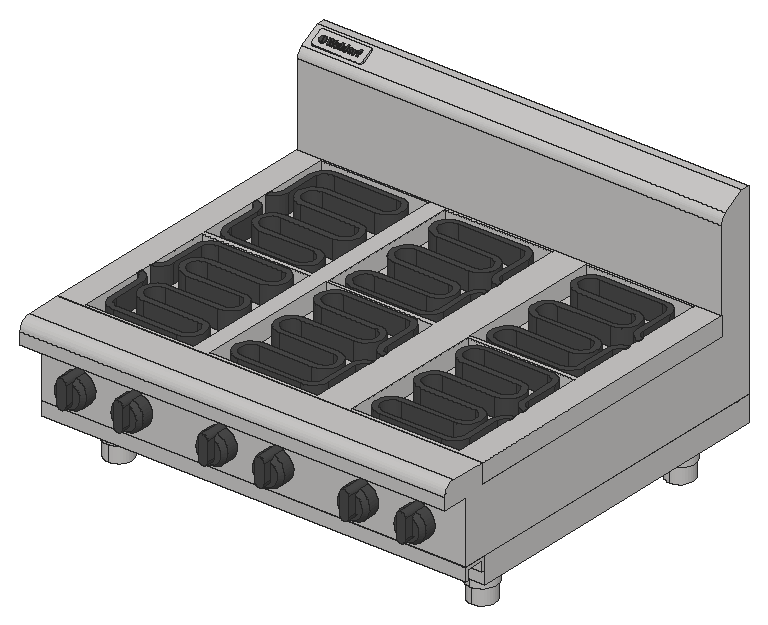
Revit family "QF_MOFFAT WALDORF_RN8600E-B", category Specialty Equipment, Revit 2012
Parameters
  Weight in Pounds = 297.6237
  Watts = 14400 W
  Volts = 415 V
  URL Cutsheet = "www.moffat.com"
  URL = "www.moffat.com"
  Type Mark [instance] = ""
  Status [instance] = ""
  Specification by User [instance] = ""
  Specification by Manufacturer = ""
  Show Logo [instance] = yes
  Serial Number = ""
  Seismic Rating = ""
  SMACNA No = ""
  Revision Code [instance] = ""
  Phase = 3
  Omniclass Number and Title = ""
  Number of Poles = 1
  NAFEM Spec ID Number = ""
  Model = "RN8600E-B"
  Min Ckt Ampacity = 0 A
  Max Overcurrent Protection = 0 A
  Masterspec = ""
  Manufacturer = "MOFFAT WALDORF"
  Item Number [instance] = ""
  Installed By [instance] = ""
  Identify Quantity as Lot [instance] = yes
  HP = ""
  Furnished By [instance] = ""
  Foodservice Equipment Identifier [instance] = yes
  FL Amps = 20 A
  Elec Conn RI Height = 0.0 mm
  Elec Conn Connection Height = 0.0 mm
  Description = "COOK TOP ELECTRIC BENCH MOUNT"
  Cycle = 50 Hz
  Conn Plug = ""
  Conn Conduit = yes
  CSI MasterFormat = ""
  CSI Master Format = ""
  Base Height [instance] = 80.0 mm
  Apparent Power = if(Phase = 3, Volts * FL Amps * 1.73, Volts * FL Amps)  # 14359 VA
Reference planes
  plane 1 "BACK": y = 0
  plane 2: z = 0
  plane 3 "LEFT": x = 0
  plane 4 "RIGHT": x = 900
  plane 5 "FRONT": y = -805
  plane 6 "TOP": z = 530
  plane 7 "Center Y": x = 450
  plane 8 "Center X": y = -402.5
  plane 9 "Base Height": z = 80
  plane 10: x = 65.8
Forms (mm)
  Extrusion 1, solid, material "QF_Finishes_Stainless Steel"
    sketch origin (0, 0, 0) x (0, 1, 0) y (0, 0, 1)
      loop
        line (-805, 291) -> (-805, 266) -> (-749, 266) -> (-749, 135) -> (0, 135) -> (0, 530) -> (-16.5, 530) -> (-58.709, 505.631)
        arc (-58.709, 505.631) -> (-66.975, 497.365) -> (-70, 486.074) r 22.582
        line (-70, 486.074) -> (-70, 275) -> (-705, 275) -> (-705, 315) -> (-781, 315)
        arc (-781, 315) -> (-797.971, 307.971) -> (-805, 291) r 24
      loop
        line (0, 80) -> (0, 134.206) -> (-699, 134.206) -> (-699, 80) -> (0, 80)
      loop
        line (-749, 134.206) -> (-749, 107.019) -> (-742.6, 107.019) -> (-742.6, 127.806) -> (-706.4, 127.806) -> (-706.4, 107.019) -> (-700, 107.019) -> (-700, 134.206) -> (-749, 134.206)
    from 0 to 900
  Revolve 2, solid, material "QF_Finishes_Stainless Steel"
    sketch origin (835, -210, 0) x (0, 1, 0) y (0, 0, -1)
      loop
        line (78.25, -80) -> (110, -80) -> (110, 0) -> (82.5, 0) -> (82.5, -35) -> (78.25, -35) -> (78.25, -80)
      axis (110, -80) -> (110, 0)
    angle from 0 to 360
  Revolve 3, solid, material "QF_Finishes_Stainless Steel"
    sketch origin (65, -210, 0) x (0, 1, 0) y (0, 0, 1)
      loop
        line (78.25, 80) -> (78.25, 35) -> (82.5, 35) -> (82.5, 0) -> (110, 0) -> (110, 80) -> (78.25, 80)
      axis (110, 80) -> (110, 0)
    angle from 0 to 360
  Revolve 4, solid, material "QF_Finishes_Black"
    sketch origin (210, 0, 0) x (0, -1, 0) y (0, 0, 1)
      loop
        line (782, 229.605) -> (759, 229.605) -> (759, 202.105) -> (749, 202.105) -> (749, 197.105) -> (793, 197.105) -> (793, 223.757) -> (782, 229.605)
      axis (793, 197.105) -> (749, 197.105)
    angle from 0 to 360
  Extrusion 5, solid, material "QF_Finishes_Black"
    sketch origin (-78.431, 0, -103.997) x (1, 0, 0) y (0, 0, 1)
      loop
        line (298.431, 289) -> (298.431, 327.997)
        arc (298.431, 327.997) -> (288.431, 337.997) -> (278.431, 327.997) r 10
        line (278.431, 327.997) -> (278.431, 289)
        arc (278.431, 289) -> (288.431, 279) -> (298.431, 289) r 10
    from 759 to 808
  Extrusion 6, void
    sketch origin (705, 3, -500) x (1, 0, 0) y (0, 1, 0)
      loop
        circle (65, -35) r 13.5
    from 610 to 570
  Revolve 7, solid, material "QF_Finishes_Black"
    sketch origin (89.999, 0, -0.127) x (0, 1, 0) y (0, 0, -1)
      loop
        line (-782, -229.5) -> (-759, -229.5) -> (-759, -202) -> (-749, -202) -> (-749, -197) -> (-793, -197) -> (-793, -223.651) -> (-782, -229.5)
      axis (-793, -197) -> (-749, -197)
    angle from 0 to 360
  Extrusion 8, solid, material "QF_Finishes_Black"
    sketch origin (228.269, 0, 0.031) x (-1, 0, 0) y (0, 0, -1)
      loop
        arc (148.269, -184.969) -> (138.269, -174.969) -> (128.269, -184.969) r 10
        line (128.269, -184.969) -> (128.269, -223.969)
        arc (128.269, -223.969) -> (138.269, -233.969) -> (148.269, -223.969) r 10
        line (148.269, -223.969) -> (148.269, -184.969)
    from 759 to 808
  Revolve 9, solid, material "QF_Finishes_Black"
    sketch origin (510, 0, 0) x (0, -1, 0) y (0, 0, 1)
      loop
        line (782, 229.605) -> (759, 229.605) -> (759, 202.105) -> (749, 202.105) -> (749, 197.105) -> (793, 197.105) -> (793, 223.757) -> (782, 229.605)
      axis (793, 197.105) -> (749, 197.105)
    angle from 0 to 360
  Extrusion 10, solid, material "QF_Finishes_Black"
    sketch origin (371.569, 0, -103.997) x (1, 0, 0) y (0, 0, 1)
      loop
        line (148.431, 289) -> (148.431, 327.997)
        arc (148.431, 327.997) -> (138.431, 337.997) -> (128.431, 327.997) r 10
        line (128.431, 327.997) -> (128.431, 289)
        arc (128.431, 289) -> (138.431, 279) -> (148.431, 289) r 10
    from 759 to 808
  Revolve 11, solid, material "QF_Finishes_Black"
    sketch origin (389.999, 0, -0.127) x (0, 1, 0) y (0, 0, -1)
      loop
        line (-782, -229.5) -> (-759, -229.5) -> (-759, -202) -> (-749, -202) -> (-749, -197) -> (-793, -197) -> (-793, -223.651) -> (-782, -229.5)
      axis (-793, -197) -> (-749, -197)
    angle from 0 to 360
  Extrusion 12, solid, material "QF_Finishes_Black"
    sketch origin (378.269, 0, 0.031) x (-1, 0, 0) y (0, 0, -1)
      loop
        arc (-1.731, -184.969) -> (-11.731, -174.969) -> (-21.731, -184.969) r 10
        line (-21.731, -184.969) -> (-21.731, -223.969)
        arc (-21.731, -223.969) -> (-11.731, -233.969) -> (-1.731, -223.969) r 10
        line (-1.731, -223.969) -> (-1.731, -184.969)
    from 759 to 808
  Revolve 13, solid, material "QF_Finishes_Black"
    sketch origin (810, 0, 0) x (0, -1, 0) y (0, 0, 1)
      loop
        line (782, 229.605) -> (759, 229.605) -> (759, 202.105) -> (749, 202.105) -> (749, 197.105) -> (793, 197.105) -> (793, 223.757) -> (782, 229.605)
      axis (793, 197.105) -> (749, 197.105)
    angle from 0 to 360
  Extrusion 14, solid, material "QF_Finishes_Black"
    sketch origin (671.569, 0, -103.997) x (1, 0, 0) y (0, 0, 1)
      loop
        line (148.431, 289) -> (148.431, 327.997)
        arc (148.431, 327.997) -> (138.431, 337.997) -> (128.431, 327.997) r 10
        line (128.431, 327.997) -> (128.431, 289)
        arc (128.431, 289) -> (138.431, 279) -> (148.431, 289) r 10
    from 759 to 808
  Revolve 15, solid, material "QF_Finishes_Black"
    sketch origin (689.999, 0, -0.127) x (0, 1, 0) y (0, 0, -1)
      loop
        line (-782, -229.5) -> (-759, -229.5) -> (-759, -202) -> (-749, -202) -> (-749, -197) -> (-793, -197) -> (-793, -223.651) -> (-782, -229.5)
      axis (-793, -197) -> (-749, -197)
    angle from 0 to 360
  Extrusion 16, solid, material "QF_Finishes_Black"
    sketch origin (678.269, 0, 0.031) x (-1, 0, 0) y (0, 0, -1)
      loop
        arc (-1.731, -184.969) -> (-11.731, -174.969) -> (-21.731, -184.969) r 10
        line (-21.731, -184.969) -> (-21.731, -223.969)
        arc (-21.731, -223.969) -> (-11.731, -233.969) -> (-1.731, -223.969) r 10
        line (-1.731, -223.969) -> (-1.731, -184.969)
    from 759 to 808
  Revolve 17, solid, material "QF_Finishes_Stainless Steel"
    sketch origin (835, -735, 0) x (0, 1, 0) y (0, 0, -1)
      loop
        line (78.25, -80) -> (110, -80) -> (110, 0) -> (82.5, 0) -> (82.5, -35) -> (78.25, -35) -> (78.25, -80)
      axis (110, -80) -> (110, 0)
    angle from 0 to 360
  Revolve 18, solid, material "QF_Finishes_Stainless Steel"
    sketch origin (65, -735, 0) x (0, 1, 0) y (0, 0, 1)
      loop
        line (78.25, 80) -> (78.25, 35) -> (82.5, 35) -> (82.5, 0) -> (110, 0) -> (110, 80) -> (78.25, 80)
      axis (110, 80) -> (110, 0)
    angle from 0 to 360
  Extrusion 19, solid, material "QF_Finishes_Stainless Steel"
    sketch origin (0, -70, 275) x (0, -1, 0) y (1, 0, 0)
      loop
        line (1, 0) -> (635, 0) -> (635, 900) -> (1, 900) -> (1, 0)
      loop
        line (628.25, 54) -> (628.25, 282.75) -> (321.3, 282.75) -> (321.3, 54) -> (628.25, 54)
      loop
        line (6.75, 54) -> (313.7, 54) -> (313.7, 282.75) -> (6.75, 282.75) -> (6.75, 54)
      loop
        line (6.75, 317.25) -> (313.7, 317.25) -> (313.7, 546) -> (6.75, 546) -> (6.75, 317.25)
      loop
        line (628.25, 317.25) -> (628.25, 546) -> (321.3, 546) -> (321.3, 317.25) -> (628.25, 317.25)
      loop
        line (628.25, 846) -> (321.3, 846) -> (321.3, 617.25) -> (628.25, 617.25) -> (628.25, 846)
      loop
        line (6.75, 846) -> (6.75, 617.25) -> (313.7, 617.25) -> (313.7, 846) -> (6.75, 846)
    from 0 to 40
  Extrusion 20, solid, material "QF_Finishes_Black"
    sketch origin (0, -70, 275) x (0, -1, 0) y (1, 0, 0)
      loop
        arc (20.503, 102.138) -> (29.265, 78.692) -> (52.032, 68.293) r 32.731
        line (52.032, 68.293) -> (123.291, 68.293)
        arc (123.291, 68.293) -> (134.915, 64.189) -> (141.853, 54) r 19.786
        line (141.853, 54) -> (154.156, 54)
        arc (154.156, 54) -> (143.507, 72.673) -> (123.41, 80.3) r 31.79
        line (123.41, 80.3) -> (52.272, 80.3)
        arc (52.272, 80.3) -> (37.925, 87.003) -> (32.5, 101.881) r 20.722
        line (32.5, 101.881) -> (32.5, 234.6)
        arc (32.5, 234.6) -> (54.2, 256.3) -> (75.9, 234.6) r 21.7
        line (75.9, 234.6) -> (75.9, 122)
        arc (75.9, 122) -> (109.6, 88.3) -> (143.3, 122) r 33.7
        line (143.3, 122) -> (143.3, 234.6)
        arc (143.3, 234.6) -> (165, 256.3) -> (186.7, 234.6) r 21.7
        line (186.7, 234.6) -> (186.7, 122)
        arc (186.7, 122) -> (220.4, 88.3) -> (254.1, 122) r 33.7
        line (254.1, 122) -> (254.1, 234.6)
        arc (254.1, 234.6) -> (275.8, 256.3) -> (297.5, 234.6) r 21.7
        line (297.5, 234.6) -> (297.5, 101.881)
        arc (297.5, 101.881) -> (292.075, 87.003) -> (277.728, 80.3) r 20.722
        line (277.728, 80.3) -> (206.584, 80.3)
        arc (206.584, 80.3) -> (186.467, 72.659) -> (175.749, 54) r 31.973
        line (175.749, 54) -> (188.064, 54)
        arc (188.064, 54) -> (195.064, 64.184) -> (206.716, 68.3) r 19.973
        line (206.716, 68.3) -> (277.967, 68.3)
        arc (277.967, 68.3) -> (300.725, 78.682) -> (309.5, 102.106) r 32.722
        line (309.5, 102.106) -> (309.5, 234.6)
        arc (309.5, 234.6) -> (275.8, 268.3) -> (242.1, 234.6) r 33.7
        line (242.1, 234.6) -> (242.1, 122)
        arc (242.1, 122) -> (220.4, 100.3) -> (198.7, 122) r 21.7
        line (198.7, 122) -> (198.7, 234.6)
        arc (198.7, 234.6) -> (165, 268.3) -> (131.3, 234.6) r 33.7
        line (131.3, 234.6) -> (131.3, 122)
        arc (131.3, 122) -> (109.6, 100.3) -> (87.9, 122) r 21.7
        line (87.9, 122) -> (87.9, 234.6)
        arc (87.9, 234.6) -> (54.202, 268.298) -> (20.503, 234.6) r 33.698
        line (20.503, 234.6) -> (20.503, 102.138)
      loop
        arc (325.503, 102.138) -> (334.265, 78.692) -> (357.032, 68.293) r 32.731
        line (357.032, 68.293) -> (428.291, 68.293)
        arc (428.291, 68.293) -> (439.915, 64.189) -> (446.853, 54) r 19.786
        line (446.853, 54) -> (459.156, 54)
        arc (459.156, 54) -> (448.507, 72.673) -> (428.41, 80.3) r 31.79
        line (428.41, 80.3) -> (357.272, 80.3)
        arc (357.272, 80.3) -> (342.925, 87.003) -> (337.5, 101.881) r 20.722
        line (337.5, 101.881) -> (337.5, 234.6)
        arc (337.5, 234.6) -> (359.2, 256.3) -> (380.9, 234.6) r 21.7
        line (380.9, 234.6) -> (380.9, 122)
        arc (380.9, 122) -> (414.6, 88.3) -> (448.3, 122) r 33.7
        line (448.3, 122) -> (448.3, 234.6)
        arc (448.3, 234.6) -> (470, 256.3) -> (491.7, 234.6) r 21.7
        line (491.7, 234.6) -> (491.7, 122)
        arc (491.7, 122) -> (525.4, 88.3) -> (559.1, 122) r 33.7
        line (559.1, 122) -> (559.1, 234.6)
        arc (559.1, 234.6) -> (580.8, 256.3) -> (602.5, 234.6) r 21.7
        line (602.5, 234.6) -> (602.5, 101.881)
        arc (602.5, 101.881) -> (597.075, 87.003) -> (582.728, 80.3) r 20.722
        line (582.728, 80.3) -> (511.584, 80.3)
        arc (511.584, 80.3) -> (491.467, 72.659) -> (480.749, 54) r 31.973
        line (480.749, 54) -> (493.064, 54)
        arc (493.064, 54) -> (500.064, 64.184) -> (511.716, 68.3) r 19.973
        line (511.716, 68.3) -> (582.967, 68.3)
        arc (582.967, 68.3) -> (605.725, 78.682) -> (614.5, 102.106) r 32.722
        line (614.5, 102.106) -> (614.5, 234.6)
        arc (614.5, 234.6) -> (580.8, 268.3) -> (547.1, 234.6) r 33.7
        line (547.1, 234.6) -> (547.1, 122)
        arc (547.1, 122) -> (525.4, 100.3) -> (503.7, 122) r 21.7
        line (503.7, 122) -> (503.7, 234.6)
        arc (503.7, 234.6) -> (470, 268.3) -> (436.3, 234.6) r 33.7
        line (436.3, 234.6) -> (436.3, 122)
        arc (436.3, 122) -> (414.6, 100.3) -> (392.9, 122) r 21.7
        line (392.9, 122) -> (392.9, 234.6)
        arc (392.9, 234.6) -> (359.202, 268.298) -> (325.503, 234.6) r 33.698
        line (325.503, 234.6) -> (325.503, 102.138)
      loop
        line (20.503, 497.862) -> (20.503, 365.4)
        arc (20.503, 365.4) -> (54.202, 331.702) -> (87.9, 365.4) r 33.698
        line (87.9, 365.4) -> (87.9, 478)
        arc (87.9, 478) -> (109.6, 499.7) -> (131.3, 478) r 21.7
        line (131.3, 478) -> (131.3, 365.4)
        arc (131.3, 365.4) -> (165, 331.7) -> (198.7, 365.4) r 33.7
        line (198.7, 365.4) -> (198.7, 478)
        arc (198.7, 478) -> (220.4, 499.7) -> (242.1, 478) r 21.7
        line (242.1, 478) -> (242.1, 365.4)
        arc (242.1, 365.4) -> (275.8, 331.7) -> (309.5, 365.4) r 33.7
        line (309.5, 365.4) -> (309.5, 497.894)
        arc (309.5, 497.894) -> (300.725, 521.318) -> (277.967, 531.7) r 32.722
        line (277.967, 531.7) -> (206.716, 531.7)
        arc (206.716, 531.7) -> (195.064, 535.816) -> (188.064, 546) r 19.973
        line (188.064, 546) -> (175.749, 546)
        arc (175.749, 546) -> (186.467, 527.341) -> (206.584, 519.7) r 31.973
        line (206.584, 519.7) -> (277.728, 519.7)
        arc (277.728, 519.7) -> (292.075, 512.997) -> (297.5, 498.119) r 20.722
        line (297.5, 498.119) -> (297.5, 365.4)
        arc (297.5, 365.4) -> (275.8, 343.7) -> (254.1, 365.4) r 21.7
        line (254.1, 365.4) -> (254.1, 478)
        arc (254.1, 478) -> (220.4, 511.7) -> (186.7, 478) r 33.7
        line (186.7, 478) -> (186.7, 365.4)
        arc (186.7, 365.4) -> (165, 343.7) -> (143.3, 365.4) r 21.7
        line (143.3, 365.4) -> (143.3, 478)
        arc (143.3, 478) -> (109.6, 511.7) -> (75.9, 478) r 33.7
        line (75.9, 478) -> (75.9, 365.4)
        arc (75.9, 365.4) -> (54.2, 343.7) -> (32.5, 365.4) r 21.7
        line (32.5, 365.4) -> (32.5, 498.119)
        arc (32.5, 498.119) -> (37.925, 512.997) -> (52.272, 519.7) r 20.722
        line (52.272, 519.7) -> (123.41, 519.7)
        arc (123.41, 519.7) -> (143.507, 527.327) -> (154.156, 546) r 31.79
        line (154.156, 546) -> (141.853, 546)
        arc (141.853, 546) -> (134.915, 535.811) -> (123.291, 531.707) r 19.786
        line (123.291, 531.707) -> (52.032, 531.707)
        arc (52.032, 531.707) -> (29.265, 521.308) -> (20.503, 497.862) r 32.731
      loop
        line (325.503, 497.862) -> (325.503, 365.4)
        arc (325.503, 365.4) -> (359.202, 331.702) -> (392.9, 365.4) r 33.698
        line (392.9, 365.4) -> (392.9, 478)
        arc (392.9, 478) -> (414.6, 499.7) -> (436.3, 478) r 21.7
        line (436.3, 478) -> (436.3, 365.4)
        arc (436.3, 365.4) -> (470, 331.7) -> (503.7, 365.4) r 33.7
        line (503.7, 365.4) -> (503.7, 478)
        arc (503.7, 478) -> (525.4, 499.7) -> (547.1, 478) r 21.7
        line (547.1, 478) -> (547.1, 365.4)
        arc (547.1, 365.4) -> (580.8, 331.7) -> (614.5, 365.4) r 33.7
        line (614.5, 365.4) -> (614.5, 497.894)
        arc (614.5, 497.894) -> (605.725, 521.318) -> (582.967, 531.7) r 32.722
        line (582.967, 531.7) -> (511.716, 531.7)
        arc (511.716, 531.7) -> (500.064, 535.816) -> (493.064, 546) r 19.973
        line (493.064, 546) -> (480.749, 546)
        arc (480.749, 546) -> (491.467, 527.341) -> (511.584, 519.7) r 31.973
        line (511.584, 519.7) -> (582.728, 519.7)
        arc (582.728, 519.7) -> (597.075, 512.997) -> (602.5, 498.119) r 20.722
        line (602.5, 498.119) -> (602.5, 365.4)
        arc (602.5, 365.4) -> (580.8, 343.7) -> (559.1, 365.4) r 21.7
        line (559.1, 365.4) -> (559.1, 478)
        arc (559.1, 478) -> (525.4, 511.7) -> (491.7, 478) r 33.7
        line (491.7, 478) -> (491.7, 365.4)
        arc (491.7, 365.4) -> (470, 343.7) -> (448.3, 365.4) r 21.7
        line (448.3, 365.4) -> (448.3, 478)
        arc (448.3, 478) -> (414.6, 511.7) -> (380.9, 478) r 33.7
        line (380.9, 478) -> (380.9, 365.4)
        arc (380.9, 365.4) -> (359.2, 343.7) -> (337.5, 365.4) r 21.7
        line (337.5, 365.4) -> (337.5, 498.119)
        arc (337.5, 498.119) -> (342.925, 512.997) -> (357.272, 519.7) r 20.722
        line (357.272, 519.7) -> (428.41, 519.7)
        arc (428.41, 519.7) -> (448.507, 527.327) -> (459.156, 546) r 31.79
        line (459.156, 546) -> (446.853, 546)
        arc (446.853, 546) -> (439.915, 535.811) -> (428.291, 531.707) r 19.786
        line (428.291, 531.707) -> (357.032, 531.707)
        arc (357.032, 531.707) -> (334.265, 521.308) -> (325.503, 497.862) r 32.731
      loop
        line (20.503, 797.862) -> (20.503, 665.4)
        arc (20.503, 665.4) -> (54.202, 631.702) -> (87.9, 665.4) r 33.698
        line (87.9, 665.4) -> (87.9, 778)
        arc (87.9, 778) -> (109.6, 799.7) -> (131.3, 778) r 21.7
        line (131.3, 778) -> (131.3, 665.4)
        arc (131.3, 665.4) -> (165, 631.7) -> (198.7, 665.4) r 33.7
        line (198.7, 665.4) -> (198.7, 778)
        arc (198.7, 778) -> (220.4, 799.7) -> (242.1, 778) r 21.7
        line (242.1, 778) -> (242.1, 665.4)
        arc (242.1, 665.4) -> (275.8, 631.7) -> (309.5, 665.4) r 33.7
        line (309.5, 665.4) -> (309.5, 797.894)
        arc (309.5, 797.894) -> (300.725, 821.318) -> (277.967, 831.7) r 32.722
        line (277.967, 831.7) -> (206.716, 831.7)
        arc (206.716, 831.7) -> (195.064, 835.816) -> (188.064, 846) r 19.973
        line (188.064, 846) -> (175.749, 846)
        arc (175.749, 846) -> (186.467, 827.341) -> (206.584, 819.7) r 31.973
        line (206.584, 819.7) -> (277.728, 819.7)
        arc (277.728, 819.7) -> (292.075, 812.997) -> (297.5, 798.119) r 20.722
        line (297.5, 798.119) -> (297.5, 665.4)
        arc (297.5, 665.4) -> (275.8, 643.7) -> (254.1, 665.4) r 21.7
        line (254.1, 665.4) -> (254.1, 778)
        arc (254.1, 778) -> (220.4, 811.7) -> (186.7, 778) r 33.7
        line (186.7, 778) -> (186.7, 665.4)
        arc (186.7, 665.4) -> (165, 643.7) -> (143.3, 665.4) r 21.7
        line (143.3, 665.4) -> (143.3, 778)
        arc (143.3, 778) -> (109.6, 811.7) -> (75.9, 778) r 33.7
        line (75.9, 778) -> (75.9, 665.4)
        arc (75.9, 665.4) -> (54.2, 643.7) -> (32.5, 665.4) r 21.7
        line (32.5, 665.4) -> (32.5, 798.119)
        arc (32.5, 798.119) -> (37.925, 812.997) -> (52.272, 819.7) r 20.722
        line (52.272, 819.7) -> (123.41, 819.7)
        arc (123.41, 819.7) -> (143.507, 827.327) -> (154.156, 846) r 31.79
        line (154.156, 846) -> (141.853, 846)
        arc (141.853, 846) -> (134.915, 835.811) -> (123.291, 831.707) r 19.786
        line (123.291, 831.707) -> (52.032, 831.707)
        arc (52.032, 831.707) -> (29.265, 821.308) -> (20.503, 797.862) r 32.731
      loop
        line (325.503, 797.862) -> (325.503, 665.4)
        arc (325.503, 665.4) -> (359.202, 631.702) -> (392.9, 665.4) r 33.698
        line (392.9, 665.4) -> (392.9, 778)
        arc (392.9, 778) -> (414.6, 799.7) -> (436.3, 778) r 21.7
        line (436.3, 778) -> (436.3, 665.4)
        arc (436.3, 665.4) -> (470, 631.7) -> (503.7, 665.4) r 33.7
        line (503.7, 665.4) -> (503.7, 778)
        arc (503.7, 778) -> (525.4, 799.7) -> (547.1, 778) r 21.7
        line (547.1, 778) -> (547.1, 665.4)
        arc (547.1, 665.4) -> (580.8, 631.7) -> (614.5, 665.4) r 33.7
        line (614.5, 665.4) -> (614.5, 797.894)
        arc (614.5, 797.894) -> (605.725, 821.318) -> (582.967, 831.7) r 32.722
        line (582.967, 831.7) -> (511.716, 831.7)
        arc (511.716, 831.7) -> (500.064, 835.816) -> (493.064, 846) r 19.973
        line (493.064, 846) -> (480.749, 846)
        arc (480.749, 846) -> (491.467, 827.341) -> (511.584, 819.7) r 31.973
        line (511.584, 819.7) -> (582.728, 819.7)
        arc (582.728, 819.7) -> (597.075, 812.997) -> (602.5, 798.119) r 20.722
        line (602.5, 798.119) -> (602.5, 665.4)
        arc (602.5, 665.4) -> (580.8, 643.7) -> (559.1, 665.4) r 21.7
        line (559.1, 665.4) -> (559.1, 778)
        arc (559.1, 778) -> (525.4, 811.7) -> (491.7, 778) r 33.7
        line (491.7, 778) -> (491.7, 665.4)
        arc (491.7, 665.4) -> (470, 643.7) -> (448.3, 665.4) r 21.7
        line (448.3, 665.4) -> (448.3, 778)
        arc (448.3, 778) -> (414.6, 811.7) -> (380.9, 778) r 33.7
        line (380.9, 778) -> (380.9, 665.4)
        arc (380.9, 665.4) -> (359.2, 643.7) -> (337.5, 665.4) r 21.7
        line (337.5, 665.4) -> (337.5, 798.119)
        arc (337.5, 798.119) -> (342.925, 812.997) -> (357.272, 819.7) r 20.722
        line (357.272, 819.7) -> (428.41, 819.7)
        arc (428.41, 819.7) -> (448.507, 827.327) -> (459.156, 846) r 31.79
        line (459.156, 846) -> (446.853, 846)
        arc (446.853, 846) -> (439.915, 835.811) -> (428.291, 831.707) r 19.786
        line (428.291, 831.707) -> (357.032, 831.707)
        arc (357.032, 831.707) -> (334.265, 821.308) -> (325.503, 797.862) r 32.731
    from 0 to 40
Cuts and joins
  joined: Revolve 7, Extrusion 8
  joined: Revolve 4, Extrusion 5
  joined: Revolve 11, Extrusion 12
  joined: Revolve 9, Extrusion 10
  Extrusion 6 cuts Extrusion 1
Lines and regions (mm)
  Split face 1
    outline origin (49.063, -19.748, 528.125) x (0, -0.866025, -0.5) y (1, 0, 0)
      loop
        line (1.427, 105.5) -> (35.836, 105.5) -> (35.836, 125.5) -> (1.427, 125.5) -> (1.427, 105.5)
  Split face 2
    outline origin (99.063, -19.748, 528.125) x (0, -0.866025, -0.5) y (1, 0, 0)
      loop
        line (1.427, 105.5) -> (35.836, 105.5) -> (35.836, 125.5) -> (1.427, 125.5) -> (1.427, 105.5)
  Split face 3
    outline origin (149.062, -19.748, 528.125) x (0, -0.866025, -0.5) y (1, 0, 0)
      loop
        line (1.427, 105.5) -> (35.836, 105.5) -> (35.836, 125.5) -> (1.427, 125.5) -> (1.427, 105.5)
  Split face 4
    outline origin (199.063, -19.748, 528.125) x (0, -0.866025, -0.5) y (1, 0, 0)
      loop
        line (1.427, 105.5) -> (35.836, 105.5) -> (35.836, 125.5) -> (1.427, 125.5) -> (1.427, 105.5)
  Split face 5
    outline origin (249.062, -19.748, 528.125) x (0, -0.866025, -0.5) y (1, 0, 0)
      loop
        line (1.427, 105.5) -> (35.836, 105.5) -> (35.836, 125.5) -> (1.427, 125.5) -> (1.427, 105.5)
  Split face 6
    outline origin (299.062, -19.748, 528.125) x (0, -0.866025, -0.5) y (1, 0, 0)
      loop
        line (1.427, 105.5) -> (35.836, 105.5) -> (35.836, 125.5) -> (1.427, 125.5) -> (1.427, 105.5)
  Split face 7
    outline origin (349.062, -19.748, 528.125) x (0, -0.866025, -0.5) y (1, 0, 0)
      loop
        line (1.427, 105.5) -> (35.836, 105.5) -> (35.836, 125.5) -> (1.427, 125.5) -> (1.427, 105.5)
  Split face 8
    outline origin (399.062, -19.748, 528.125) x (0, -0.866025, -0.5) y (1, 0, 0)
      loop
        line (1.427, 105.5) -> (35.836, 105.5) -> (35.836, 125.5) -> (1.427, 125.5) -> (1.427, 105.5)
  Split face 9
    outline origin (449.062, -19.748, 528.125) x (0, -0.866025, -0.5) y (1, 0, 0)
      loop
        line (1.427, 105.5) -> (35.836, 105.5) -> (35.836, 125.5) -> (1.427, 125.5) -> (1.427, 105.5)
  Split face 10
    outline origin (499.062, -19.748, 528.125) x (0, -0.866025, -0.5) y (1, 0, 0)
      loop
        line (1.427, 105.5) -> (35.836, 105.5) -> (35.836, 125.5) -> (1.427, 125.5) -> (1.427, 105.5)
  Split face 11
    outline origin (549.062, -19.748, 528.125) x (0, -0.866025, -0.5) y (1, 0, 0)
      loop
        line (1.427, 105.5) -> (35.836, 105.5) -> (35.836, 125.5) -> (1.427, 125.5) -> (1.427, 105.5)
  Split face 12
    outline origin (599.062, -19.748, 528.125) x (0, -0.866025, -0.5) y (1, 0, 0)
      loop
        line (1.427, 105.5) -> (35.836, 105.5) -> (35.836, 125.5) -> (1.427, 125.5) -> (1.427, 105.5)
  symbolic lines, visible <- "Show Logo"
    curve 1: line (12.5, -52.06, 0) -> (12.5, -21.099, 0)
    curve 2: line (121.5, -21.099, 0) -> (121.5, -52.06, 0)
    curve 3: line (12.5, -21.099, 0) -> (121.5, -21.099, 0)
    curve 4: line (12.5, -52.06, 0) -> (121.5, -52.06, 0)
  symbolic lines
    curve 5: line (154.563, -50.782, 0) -> (154.563, -20.984, 0)
    curve 6: line (154.563, -20.984, 0) -> (174.562, -20.984, 0)
    curve 7: line (174.562, -20.984, 0) -> (174.562, -50.782, 0)
    curve 8: line (174.562, -50.782, 0) -> (154.563, -50.782, 0)
    curve 9: line (204.563, -20.984, 0) -> (204.563, -50.782, 0)
    curve 10: line (204.563, -50.782, 0) -> (224.562, -50.782, 0)
    curve 11: line (224.562, -50.782, 0) -> (224.562, -20.984, 0)
    curve 12: line (224.562, -20.984, 0) -> (204.563, -20.984, 0)
    curve 13: line (254.563, -20.984, 0) -> (254.563, -50.782, 0)
    curve 14: line (254.563, -50.782, 0) -> (274.562, -50.782, 0)
    curve 15: line (274.562, -50.782, 0) -> (274.562, -20.984, 0)
    curve 16: line (274.562, -20.984, 0) -> (254.563, -20.984, 0)
    curve 17: line (304.563, -20.984, 0) -> (304.563, -50.782, 0)
    curve 18: line (304.563, -50.782, 0) -> (324.563, -50.782, 0)
    curve 19: line (324.563, -50.782, 0) -> (324.563, -20.984, 0)
    curve 20: line (324.563, -20.984, 0) -> (304.563, -20.984, 0)
    curve 21: line (354.563, -20.984, 0) -> (354.563, -50.782, 0)
    curve 22: line (354.563, -50.782, 0) -> (374.563, -50.782, 0)
    curve 23: line (374.563, -50.782, 0) -> (374.563, -20.984, 0)
    curve 24: line (374.563, -20.984, 0) -> (354.563, -20.984, 0)
    curve 25: line (404.563, -50.782, 0) -> (404.563, -20.984, 0)
    curve 26: line (404.563, -20.984, 0) -> (424.563, -20.984, 0)
    curve 27: line (424.563, -20.984, 0) -> (424.563, -50.782, 0)
    curve 28: line (424.563, -50.782, 0) -> (404.563, -50.782, 0)
    curve 29: line (454.563, -50.782, 0) -> (454.563, -20.984, 0)
    curve 30: line (454.563, -20.984, 0) -> (474.563, -20.984, 0)
    curve 31: line (474.563, -20.984, 0) -> (474.563, -50.782, 0)
    curve 32: line (474.563, -50.782, 0) -> (454.563, -50.782, 0)
    curve 33: line (504.563, -20.984, 0) -> (504.563, -50.782, 0)
    curve 34: line (504.563, -50.782, 0) -> (524.563, -50.782, 0)
    curve 35: line (524.563, -50.782, 0) -> (524.563, -20.984, 0)
    curve 36: line (524.563, -20.984, 0) -> (504.563, -20.984, 0)
    curve 37: line (554.563, -50.782, 0) -> (554.563, -20.984, 0)
    curve 38: line (554.563, -20.984, 0) -> (574.563, -20.984, 0)
    curve 39: line (574.563, -20.984, 0) -> (574.563, -50.782, 0)
    curve 40: line (574.563, -50.782, 0) -> (554.563, -50.782, 0)
    curve 41: line (604.563, -50.782, 0) -> (604.563, -20.984, 0)
    curve 42: line (604.563, -20.984, 0) -> (624.563, -20.984, 0)
    curve 43: line (624.563, -20.984, 0) -> (624.563, -50.782, 0)
    curve 44: line (624.563, -50.782, 0) -> (604.563, -50.782, 0)
    curve 45: line (654.563, -50.782, 0) -> (654.563, -20.984, 0)
    curve 46: line (654.563, -20.984, 0) -> (674.563, -20.984, 0)
    curve 47: line (674.563, -20.984, 0) -> (674.563, -50.782, 0)
    curve 48: line (674.563, -50.782, 0) -> (654.563, -50.782, 0)
    curve 49: line (724.563, -50.782, 0) -> (704.563, -50.782, 0)
    curve 50: line (704.563, -50.782, 0) -> (704.563, -20.984, 0)
    curve 51: line (704.563, -20.984, 0) -> (724.563, -20.984, 0)
    curve 52: line (724.563, -20.984, 0) -> (724.563, -50.782, 0)
    curve 53: line (0, -805, 0) -> (900, -805, 0)
    curve 54: line (0, 0, 0) -> (0, -805, 0)
    curve 55: line (900, -805, 0) -> (900, 0, 0)
    curve 56: line (900, 0, 0) -> (0, 0, 0)
    curve 57: line (0, -70, 0) -> (900, -70, 0)
    curve 58: line (900, -705, 0) -> (0, -705, 0)
    curve 59: arc (54, -218.043, 0) -> (68.436, -209.222, 0) -> (74.3, -193.354, 0) r 25.79
    curve 60: line (74.3, -193.354, 0) -> (74.3, -122.146, 0)
    curve 61: arc (74.3, -122.146, 0) -> (82.847, -103.595, 0) -> (102, -96.5, 0) r 26.722
    curve 62: line (102, -96.5, 0) -> (234.6, -96.5, 0)
    curve 63: arc (234.6, -96.5, 0) -> (262.3, -124.2, 0) -> (234.6, -151.9, 0) r 27.7
    curve 64: line (234.6, -151.9, 0) -> (122, -151.9, 0)
    curve 65: arc (122, -151.9, 0) -> (94.3, -179.6, 0) -> (122, -207.3, 0) r 27.7
    curve 66: line (122, -207.3, 0) -> (234.6, -207.3, 0)
    curve 67: arc (234.6, -207.3, 0) -> (262.3, -235, 0) -> (234.6, -262.7, 0) r 27.7
    curve 68: line (234.6, -262.7, 0) -> (122, -262.7, 0)
    curve 69: arc (122, -262.7, 0) -> (94.3, -290.4, 0) -> (122, -318.1, 0) r 27.7
    curve 70: line (122, -318.1, 0) -> (234.6, -318.1, 0)
    curve 71: arc (234.6, -318.1, 0) -> (262.3, -345.8, 0) -> (234.6, -373.5, 0) r 27.7
    curve 72: line (234.6, -373.5, 0) -> (102, -373.5, 0)
    curve 73: arc (102, -373.5, 0) -> (82.847, -366.405, 0) -> (74.3, -347.854, 0) r 26.722
    curve 74: line (74.3, -347.854, 0) -> (74.3, -276.646, 0)
    curve 75: arc (74.3, -276.646, 0) -> (68.424, -260.755, 0) -> (54, -251.869, 0) r 25.973
    curve 76: arc (54, -523.043, 0) -> (68.436, -514.222, 0) -> (74.3, -498.354, 0) r 25.79
    curve 77: line (74.3, -498.354, 0) -> (74.3, -427.146, 0)
    curve 78: arc (74.3, -427.146, 0) -> (82.847, -408.595, 0) -> (102, -401.5, 0) r 26.722
    curve 79: line (102, -401.5, 0) -> (234.6, -401.5, 0)
    curve 80: arc (234.6, -401.5, 0) -> (262.3, -429.2, 0) -> (234.6, -456.9, 0) r 27.7
    curve 81: line (234.6, -456.9, 0) -> (122, -456.9, 0)
    curve 82: arc (122, -456.9, 0) -> (94.3, -484.6, 0) -> (122, -512.3, 0) r 27.7
    curve 83: line (122, -512.3, 0) -> (234.6, -512.3, 0)
    curve 84: arc (234.6, -512.3, 0) -> (262.3, -540, 0) -> (234.6, -567.7, 0) r 27.7
    curve 85: line (234.6, -567.7, 0) -> (122, -567.7, 0)
    curve 86: arc (122, -567.7, 0) -> (94.3, -595.4, 0) -> (122, -623.1, 0) r 27.7
    curve 87: line (122, -623.1, 0) -> (234.6, -623.1, 0)
    curve 88: arc (234.6, -623.1, 0) -> (262.3, -650.8, 0) -> (234.6, -678.5, 0) r 27.7
    curve 89: line (234.6, -678.5, 0) -> (102, -678.5, 0)
    curve 90: arc (102, -678.5, 0) -> (82.847, -671.405, 0) -> (74.3, -652.854, 0) r 26.722
    curve 91: line (74.3, -652.854, 0) -> (74.3, -581.646, 0)
    curve 92: arc (74.3, -581.646, 0) -> (68.424, -565.755, 0) -> (54, -556.869, 0) r 25.973
    curve 93: arc (545.338, -218.043, 0) -> (530.902, -209.222, 0) -> (525.038, -193.354, 0) r 25.79
    curve 94: line (525.038, -193.354, 0) -> (525.038, -122.146, 0)
    curve 95: arc (525.038, -122.146, 0) -> (516.491, -103.595, 0) -> (497.338, -96.5, 0) r 26.722
    curve 96: line (497.338, -96.5, 0) -> (364.738, -96.5, 0)
    curve 97: arc (364.738, -96.5, 0) -> (337.038, -124.2, 0) -> (364.738, -151.9, 0) r 27.7
    curve 98: line (364.738, -151.9, 0) -> (477.338, -151.9, 0)
    curve 99: arc (477.338, -151.9, 0) -> (505.038, -179.6, 0) -> (477.338, -207.3, 0) r 27.7
    curve 100: line (477.338, -207.3, 0) -> (364.738, -207.3, 0)
    curve 101: arc (364.738, -207.3, 0) -> (337.038, -235, 0) -> (364.738, -262.7, 0) r 27.7
    curve 102: line (364.738, -262.7, 0) -> (477.338, -262.7, 0)
    curve 103: arc (477.338, -262.7, 0) -> (505.038, -290.4, 0) -> (477.338, -318.1, 0) r 27.7
    curve 104: line (477.338, -318.1, 0) -> (364.738, -318.1, 0)
    curve 105: arc (364.738, -318.1, 0) -> (337.038, -345.8, 0) -> (364.738, -373.5, 0) r 27.7
    curve 106: line (364.738, -373.5, 0) -> (497.338, -373.5, 0)
    curve 107: arc (497.338, -373.5, 0) -> (516.491, -366.405, 0) -> (525.038, -347.854, 0) r 26.722
    curve 108: line (525.038, -347.854, 0) -> (525.038, -276.646, 0)
    curve 109: arc (525.038, -276.646, 0) -> (530.914, -260.755, 0) -> (545.338, -251.869, 0) r 25.973
    curve 110: arc (545.338, -523.043, 0) -> (530.902, -514.222, 0) -> (525.038, -498.354, 0) r 25.79
    curve 111: line (525.038, -498.354, 0) -> (525.038, -427.146, 0)
    curve 112: arc (525.038, -427.146, 0) -> (516.491, -408.595, 0) -> (497.338, -401.5, 0) r 26.722
    curve 113: line (497.338, -401.5, 0) -> (364.738, -401.5, 0)
    curve 114: arc (364.738, -401.5, 0) -> (337.038, -429.2, 0) -> (364.738, -456.9, 0) r 27.7
    curve 115: line (364.738, -456.9, 0) -> (477.338, -456.9, 0)
    curve 116: arc (477.338, -456.9, 0) -> (505.038, -484.6, 0) -> (477.338, -512.3, 0) r 27.7
    curve 117: line (477.338, -512.3, 0) -> (364.738, -512.3, 0)
    curve 118: arc (364.738, -512.3, 0) -> (337.038, -540, 0) -> (364.738, -567.7, 0) r 27.7
    curve 119: line (364.738, -567.7, 0) -> (477.338, -567.7, 0)
    curve 120: arc (477.338, -567.7, 0) -> (505.038, -595.4, 0) -> (477.338, -623.1, 0) r 27.7
    curve 121: line (477.338, -623.1, 0) -> (364.738, -623.1, 0)
    curve 122: arc (364.738, -623.1, 0) -> (337.038, -650.8, 0) -> (364.738, -678.5, 0) r 27.7
    curve 123: line (364.738, -678.5, 0) -> (497.338, -678.5, 0)
    curve 124: arc (497.338, -678.5, 0) -> (516.491, -671.405, 0) -> (525.038, -652.854, 0) r 26.722
    curve 125: line (525.038, -652.854, 0) -> (525.038, -581.646, 0)
    curve 126: arc (525.038, -581.646, 0) -> (530.914, -565.755, 0) -> (545.338, -556.869, 0) r 25.973
    curve 127: arc (845.338, -218.043, 0) -> (830.902, -209.222, 0) -> (825.038, -193.354, 0) r 25.79
    curve 128: line (825.038, -193.354, 0) -> (825.038, -122.146, 0)
    curve 129: arc (825.038, -122.146, 0) -> (816.491, -103.595, 0) -> (797.338, -96.5, 0) r 26.722
    curve 130: line (797.338, -96.5, 0) -> (664.738, -96.5, 0)
    curve 131: arc (664.738, -96.5, 0) -> (637.038, -124.2, 0) -> (664.738, -151.9, 0) r 27.7
    curve 132: line (664.738, -151.9, 0) -> (777.338, -151.9, 0)
    curve 133: arc (777.338, -151.9, 0) -> (805.038, -179.6, 0) -> (777.338, -207.3, 0) r 27.7
    curve 134: line (777.338, -207.3, 0) -> (664.738, -207.3, 0)
    curve 135: arc (664.738, -207.3, 0) -> (637.038, -235, 0) -> (664.738, -262.7, 0) r 27.7
    curve 136: line (664.738, -262.7, 0) -> (777.338, -262.7, 0)
    curve 137: arc (777.338, -262.7, 0) -> (805.038, -290.4, 0) -> (777.338, -318.1, 0) r 27.7
    curve 138: line (777.338, -318.1, 0) -> (664.738, -318.1, 0)
    curve 139: arc (664.738, -318.1, 0) -> (637.038, -345.8, 0) -> (664.738, -373.5, 0) r 27.7
    curve 140: line (664.738, -373.5, 0) -> (797.338, -373.5, 0)
    curve 141: arc (797.338, -373.5, 0) -> (816.491, -366.405, 0) -> (825.038, -347.854, 0) r 26.722
    curve 142: line (825.038, -347.854, 0) -> (825.038, -276.646, 0)
    curve 143: arc (825.038, -276.646, 0) -> (830.914, -260.755, 0) -> (845.338, -251.869, 0) r 25.973
    curve 144: arc (845.338, -523.043, 0) -> (830.902, -514.222, 0) -> (825.038, -498.354, 0) r 25.79
    curve 145: line (825.038, -498.354, 0) -> (825.038, -427.146, 0)
    curve 146: arc (825.038, -427.146, 0) -> (816.491, -408.595, 0) -> (797.338, -401.5, 0) r 26.722
    curve 147: line (797.338, -401.5, 0) -> (664.738, -401.5, 0)
    curve 148: arc (664.738, -401.5, 0) -> (637.038, -429.2, 0) -> (664.738, -456.9, 0) r 27.7
    curve 149: line (664.738, -456.9, 0) -> (777.338, -456.9, 0)
    curve 150: arc (777.338, -456.9, 0) -> (805.038, -484.6, 0) -> (777.338, -512.3, 0) r 27.7
    curve 151: line (777.338, -512.3, 0) -> (664.738, -512.3, 0)
    curve 152: arc (664.738, -512.3, 0) -> (637.038, -540, 0) -> (664.738, -567.7, 0) r 27.7
    curve 153: line (664.738, -567.7, 0) -> (777.338, -567.7, 0)
    curve 154: arc (777.338, -567.7, 0) -> (805.038, -595.4, 0) -> (777.338, -623.1, 0) r 27.7
    curve 155: line (777.338, -623.1, 0) -> (664.738, -623.1, 0)
    curve 156: arc (664.738, -623.1, 0) -> (637.038, -650.8, 0) -> (664.738, -678.5, 0) r 27.7
    curve 157: line (664.738, -678.5, 0) -> (797.338, -678.5, 0)
    curve 158: arc (797.338, -678.5, 0) -> (816.491, -671.405, 0) -> (825.038, -652.854, 0) r 26.722
    curve 159: line (825.038, -652.854, 0) -> (825.038, -581.646, 0)
    curve 160: arc (825.038, -581.646, 0) -> (830.914, -565.755, 0) -> (845.338, -556.869, 0) r 25.973
    curve 161: line (54, -705, 0) -> (54, -70, 0)
    curve 162: line (282.75, -70, 0) -> (282.75, -705, 0)
    curve 163: line (317.25, -705, 0) -> (317.25, -70, 0)
    curve 164: line (546, -70, 0) -> (546, -705, 0)
    curve 165: line (617.25, -705, 0) -> (617.25, -70, 0)
    curve 166: line (846, -70, 0) -> (846, -705, 0)
    curve 167: line (282.75, -387.5, 0) -> (54, -387.5, 0)
    curve 168: line (317.25, -387.5, 0) -> (546, -387.5, 0)
    curve 169: line (617.25, -387.5, 0) -> (846, -387.5, 0)
Dimensions and locks
  equal spacing: plane 3 "LEFT", plane 7 "Center Y", plane 4 "RIGHT"
  plane 3 "LEFT" to plane 4 "RIGHT" = 900.0 mm
  equal spacing: plane 5 "FRONT", plane 8 "Center X", plane 1 "BACK"
  plane 5 "FRONT" to plane 1 "BACK" = 805.0 mm
  "Base Height": plane 9 "Base Height" to level
  locked: plane 6 "TOP" to plane 9 "Base Height" at 450
  plane 6 "TOP" to level = 530.0 mm
  level to Extrusion 6 = 110.0 mm
  plane 6 "TOP" to nested 1 to nested 1 = 2.946 mm locked, 17.226 mm locked
  Revolve 13 sketch curve to Revolve 13 sketch curve to Revolve 15 to cut or joined group of Revolve 11, Extrusion 12 = 11.0 mm locked, 23.0 mm locked, 10.0 mm locked
  aligned and locked: level to plane 2
  aligned and locked: Revolve 3 sketch curve to plane 9 "Base Height"
  aligned and locked: Extrusion 1 to Revolve 13 sketch curve
Automatic sketch dimensions
  plane 1 "BACK" to Extrusion 6 sketch curve = 32.0 mm
  plane 4 "RIGHT" to Extrusion 6 sketch curve = 130.0 mm
  Extrusion 1 sketch curve to plane 5 "FRONT" = 0.0 mm
  Extrusion 1 sketch curve to plane 9 "Base Height" = 0.0 mm
  Extrusion 1 sketch curve to plane 6 "TOP" = 0.0 mm
  Extrusion 1 sketch curve to plane 1 "BACK" = 0.0 mm  (x2)
  Extrusion 1 sketch curve to plane 5 "FRONT" = 24.0 mm
  Extrusion 1 sketch curve to plane 5 "FRONT" = 56.0 mm
  Extrusion 1 sketch curve to Extrusion 1 sketch curve = 0.0 mm  (x2)
  Extrusion 1 sketch curve to Extrusion 1 sketch curve = 6.4 mm  (x3)
  Extrusion 1 sketch curve to Extrusion 1 sketch curve = 36.2 mm
  Extrusion 1 sketch curve to Extrusion 1 sketch curve = 44.0 mm
  Extrusion 1 sketch curve to Extrusion 1 sketch curve = 1.0 mm
  plane 1 "BACK" to Extrusion 1 sketch curve = 70.0 mm
  Extrusion 1 sketch curve to plane 6 "TOP" = 24.369 mm
  Extrusion 1 sketch curve to Extrusion 1 sketch curve = 11.291 mm  (x2)
  Extrusion 1 sketch curve to Extrusion 1 sketch curve = 16.5 mm
  plane 9 "Base Height" to Extrusion 1 sketch curve = 27.019 mm  (x2)
  Extrusion 1 sketch curve to Extrusion 1 sketch curve = 20.787 mm
  Extrusion 1 sketch curve to Extrusion 1 sketch curve = 0.794 mm
  Extrusion 1 sketch curve to Extrusion 1 sketch curve = 131.0 mm
  Extrusion 1 sketch curve to Extrusion 1 sketch curve = 140.0 mm
  Extrusion 1 sketch curve to Extrusion 1 sketch curve = 25.0 mm
  Revolve 2 sketch curve to plane 9 "Base Height" = 0.0 mm
  Revolve 2 sketch curve to level = 0.0 mm
  level to Revolve 2 sketch curve = 35.0 mm
  plane 1 "BACK" to Revolve 2 sketch curve = 131.75 mm
  Revolve 2 sketch curve to Revolve 2 sketch curve = 4.25 mm
  Revolve 2 sketch curve to Revolve 2 sketch curve = 27.5 mm
  Revolve 2 sketch curve to Revolve 2 sketch curve = 0.0 mm
  Revolve 2 sketch curve to Revolve 2 sketch curve = 30.0 mm
  Revolve 2 sketch curve to Revolve 2 sketch curve = 55.0 mm
  Revolve 3 sketch curve to level = 0.0 mm
  level to Revolve 3 sketch curve = 35.0 mm
  plane 1 "BACK" to Revolve 3 sketch curve = 131.75 mm
  Revolve 3 sketch curve to Revolve 3 sketch curve = 4.25 mm
  Revolve 3 sketch curve to Revolve 3 sketch curve = 27.5 mm
  Revolve 3 sketch curve to Revolve 3 sketch curve = 0.0 mm
  Revolve 3 sketch curve to Revolve 3 sketch curve = 55.0 mm
  Revolve 3 sketch curve to plane 9 "Base Height" = 30.0 mm
  Revolve 4 sketch curve to plane 5 "FRONT" = 56.0 mm
  Revolve 4 sketch curve to Revolve 4 sketch curve = 10.0 mm
  Revolve 4 sketch curve to Revolve 4 sketch curve = 21.3 mm
  Revolve 4 sketch curve to plane 5 "FRONT" = 23.0 mm
  Revolve 4 sketch curve to plane 5 "FRONT" = 12.0 mm
  Revolve 4 sketch curve to Revolve 4 sketch curve = 0.0 mm  (x2)
  plane 9 "Base Height" to Revolve 4 sketch curve = 117.105 mm
  Revolve 4 sketch curve to Revolve 4 sketch curve = 5.0 mm
  Revolve 4 sketch curve to Revolve 4 sketch curve = 26.651 mm
  Revolve 4 sketch curve to Revolve 4 sketch curve = 5.849 mm
  plane 3 "LEFT" to Extrusion 5 sketch curve = 200.0 mm
  Extrusion 5 sketch curve to Extrusion 5 sketch curve = 10.0 mm
  plane 9 "Base Height" to Extrusion 5 sketch curve = 105.003 mm
  Extrusion 5 sketch curve to Extrusion 5 sketch curve = 38.997 mm
  Revolve 7 sketch curve to plane 5 "FRONT" = 12.0 mm
  Revolve 7 sketch curve to Revolve 7 sketch curve = 0.0 mm  (x2)
  Revolve 7 sketch curve to Revolve 7 sketch curve = 11.0 mm
  Revolve 7 sketch curve to Revolve 7 sketch curve = 12.7 mm
  Revolve 7 sketch curve to Revolve 7 sketch curve = 23.0 mm
  Revolve 7 sketch curve to Revolve 7 sketch curve = 10.0 mm
  plane 9 "Base Height" to Revolve 7 sketch curve = 149.373 mm
  Revolve 7 sketch curve to Revolve 7 sketch curve = 5.849 mm
  Revolve 7 sketch curve to Revolve 7 sketch curve = 27.5 mm
  Revolve 7 sketch curve to Revolve 7 sketch curve = 5.0 mm
  plane 3 "LEFT" to Extrusion 8 sketch curve = 100.0 mm
  Extrusion 8 sketch curve to Extrusion 8 sketch curve = 10.0 mm
  plane 9 "Base Height" to Extrusion 8 sketch curve = 144.0 mm
  Extrusion 8 sketch curve to Extrusion 8 sketch curve = 39.0 mm
  Extrusion 1 to Split face 1 sketch curve = 5.177 mm
  Split face 1 sketch curve to Extrusion 1 = 9.153 mm
  Split face 1 sketch curve to Extrusion 1 = 154.563 mm
  Split face 1 sketch curve to Split face 1 sketch curve = 20.0 mm
  Revolve 9 sketch curve to plane 5 "FRONT" = 56.0 mm
  Revolve 9 sketch curve to Revolve 9 sketch curve = 10.0 mm
  Revolve 9 sketch curve to Revolve 9 sketch curve = 21.3 mm
  Revolve 9 sketch curve to plane 5 "FRONT" = 23.0 mm
  Revolve 9 sketch curve to plane 5 "FRONT" = 12.0 mm
  Revolve 9 sketch curve to Revolve 9 sketch curve = 0.0 mm  (x2)
  plane 9 "Base Height" to Revolve 9 sketch curve = 117.105 mm
  Revolve 9 sketch curve to Revolve 9 sketch curve = 5.0 mm
  Revolve 9 sketch curve to Revolve 9 sketch curve = 26.651 mm
  Revolve 9 sketch curve to Revolve 9 sketch curve = 5.849 mm
  plane 7 "Center Y" to Extrusion 10 sketch curve = 50.0 mm
  Extrusion 10 sketch curve to Extrusion 10 sketch curve = 10.0 mm
  plane 9 "Base Height" to Extrusion 10 sketch curve = 105.003 mm
  Extrusion 10 sketch curve to Extrusion 10 sketch curve = 38.997 mm
  Revolve 11 sketch curve to plane 5 "FRONT" = 12.0 mm
  Revolve 11 sketch curve to Revolve 11 sketch curve = 0.0 mm  (x2)
  Revolve 11 sketch curve to Revolve 11 sketch curve = 11.0 mm
  Revolve 11 sketch curve to Revolve 11 sketch curve = 12.7 mm
  Revolve 11 sketch curve to Revolve 11 sketch curve = 23.0 mm
  Revolve 11 sketch curve to Revolve 11 sketch curve = 10.0 mm
  plane 9 "Base Height" to Revolve 11 sketch curve = 149.373 mm
  Revolve 11 sketch curve to Revolve 11 sketch curve = 5.849 mm
  Revolve 11 sketch curve to Revolve 11 sketch curve = 27.5 mm
  Revolve 11 sketch curve to Revolve 11 sketch curve = 5.0 mm
  Extrusion 12 sketch curve to plane 7 "Center Y" = 50.0 mm
  Extrusion 12 sketch curve to Extrusion 12 sketch curve = 10.0 mm
  plane 9 "Base Height" to Extrusion 12 sketch curve = 144.0 mm
  Extrusion 12 sketch curve to Extrusion 12 sketch curve = 39.0 mm
  Revolve 13 sketch curve to Revolve 13 sketch curve = 23.0 mm
  Revolve 13 sketch curve to Revolve 13 sketch curve = 12.7 mm
  Revolve 13 sketch curve to Revolve 13 sketch curve = 0.0 mm  (x2)
  plane 9 "Base Height" to Revolve 13 sketch curve = 117.105 mm
  Revolve 13 sketch curve to Revolve 13 sketch curve = 5.0 mm
  Revolve 13 sketch curve to Revolve 13 sketch curve = 26.651 mm
  Revolve 13 sketch curve to Revolve 13 sketch curve = 5.849 mm
  plane 4 "RIGHT" to Extrusion 14 sketch curve = 100.0 mm
  Extrusion 14 sketch curve to Extrusion 14 sketch curve = 10.0 mm
  plane 9 "Base Height" to Extrusion 14 sketch curve = 105.003 mm
  Extrusion 14 sketch curve to Extrusion 14 sketch curve = 38.997 mm
  Revolve 15 sketch curve to plane 5 "FRONT" = 12.0 mm
  Revolve 15 sketch curve to Revolve 15 sketch curve = 0.0 mm  (x2)
  Revolve 15 sketch curve to Revolve 15 sketch curve = 11.0 mm
  Revolve 15 sketch curve to Revolve 15 sketch curve = 12.7 mm
  Revolve 15 sketch curve to Revolve 15 sketch curve = 23.0 mm
  Revolve 15 sketch curve to Revolve 15 sketch curve = 10.0 mm
  plane 9 "Base Height" to Revolve 15 sketch curve = 149.373 mm
  Revolve 15 sketch curve to Revolve 15 sketch curve = 5.849 mm
  Revolve 15 sketch curve to Revolve 15 sketch curve = 27.5 mm
  Revolve 15 sketch curve to Revolve 15 sketch curve = 5.0 mm
  plane 4 "RIGHT" to Extrusion 16 sketch curve = 200.0 mm
  Extrusion 16 sketch curve to Extrusion 16 sketch curve = 10.0 mm
  plane 9 "Base Height" to Extrusion 16 sketch curve = 144.0 mm
  Extrusion 16 sketch curve to Extrusion 16 sketch curve = 39.0 mm
  Revolve 17 sketch curve to plane 9 "Base Height" = 0.0 mm
  Revolve 17 sketch curve to level = 0.0 mm
  level to Revolve 17 sketch curve = 35.0 mm
  Revolve 17 sketch curve to plane 5 "FRONT" = 148.25 mm
  Revolve 17 sketch curve to Revolve 17 sketch curve = 4.25 mm
  Revolve 17 sketch curve to Revolve 17 sketch curve = 27.5 mm
  Revolve 17 sketch curve to Revolve 17 sketch curve = 0.0 mm
  Revolve 17 sketch curve to plane 9 "Base Height" = 30.0 mm
  Revolve 17 sketch curve to Revolve 17 sketch curve = 55.0 mm
  Revolve 18 sketch curve to plane 9 "Base Height" = 0.0 mm
  Revolve 18 sketch curve to level = 0.0 mm
  level to Revolve 18 sketch curve = 35.0 mm
  Revolve 18 sketch curve to plane 5 "FRONT" = 148.25 mm
  Revolve 18 sketch curve to Revolve 18 sketch curve = 4.25 mm
  Revolve 18 sketch curve to Revolve 18 sketch curve = 27.5 mm
  Revolve 18 sketch curve to Revolve 18 sketch curve = 0.0 mm
  Revolve 18 sketch curve to Revolve 18 sketch curve = 55.0 mm
  Revolve 18 sketch curve to Revolve 18 sketch curve = 30.0 mm
  Extrusion 1 to Split face 2 sketch curve = 5.177 mm
  Split face 2 sketch curve to Extrusion 1 = 9.153 mm
  Split face 2 sketch curve to Extrusion 1 = 204.563 mm
  Split face 2 sketch curve to Split face 2 sketch curve = 20.0 mm
  Extrusion 1 to Split face 3 sketch curve = 5.177 mm
  Split face 3 sketch curve to Extrusion 1 = 9.153 mm
  Split face 3 sketch curve to Extrusion 1 = 254.563 mm
  Split face 3 sketch curve to Split face 3 sketch curve = 20.0 mm
  Extrusion 1 to Split face 4 sketch curve = 5.177 mm
  Split face 4 sketch curve to Extrusion 1 = 9.153 mm
  Split face 4 sketch curve to Extrusion 1 = 304.563 mm
  Split face 4 sketch curve to Split face 4 sketch curve = 20.0 mm
  Extrusion 1 to Split face 5 sketch curve = 5.177 mm
  Split face 5 sketch curve to Extrusion 1 = 9.153 mm
  Split face 5 sketch curve to Extrusion 1 = 354.563 mm
  Split face 5 sketch curve to Split face 5 sketch curve = 20.0 mm
  Extrusion 1 to Split face 6 sketch curve = 5.177 mm
  Split face 6 sketch curve to Extrusion 1 = 9.153 mm
  Split face 6 sketch curve to Extrusion 1 = 404.563 mm
  Split face 6 sketch curve to Split face 6 sketch curve = 20.0 mm
  Extrusion 1 to Split face 7 sketch curve = 5.177 mm
  Split face 7 sketch curve to Extrusion 1 = 9.153 mm
  Split face 7 sketch curve to Extrusion 1 = 445.437 mm
  Split face 7 sketch curve to Split face 7 sketch curve = 20.0 mm
  Extrusion 1 to Split face 8 sketch curve = 5.177 mm
  Split face 8 sketch curve to Extrusion 1 = 9.153 mm
  Split face 8 sketch curve to Extrusion 1 = 395.437 mm
  Split face 8 sketch curve to Split face 8 sketch curve = 20.0 mm
  Extrusion 1 to Split face 9 sketch curve = 5.177 mm
  Split face 9 sketch curve to Extrusion 1 = 9.153 mm
  Split face 9 sketch curve to Extrusion 1 = 345.437 mm
  Split face 9 sketch curve to Split face 9 sketch curve = 20.0 mm
  Extrusion 1 to Split face 10 sketch curve = 5.177 mm
  Split face 10 sketch curve to Extrusion 1 = 9.153 mm
  Split face 10 sketch curve to Extrusion 1 = 295.437 mm
  Split face 10 sketch curve to Split face 10 sketch curve = 20.0 mm
  Extrusion 1 to Split face 11 sketch curve = 5.177 mm
  Split face 11 sketch curve to Extrusion 1 = 9.153 mm
  Split face 11 sketch curve to Extrusion 1 = 245.437 mm
  Split face 11 sketch curve to Split face 11 sketch curve = 20.0 mm
  Extrusion 1 to Split face 12 sketch curve = 5.177 mm
  Split face 12 sketch curve to Extrusion 1 = 9.153 mm
  Split face 12 sketch curve to Extrusion 1 = 195.437 mm
  Split face 12 sketch curve to Split face 12 sketch curve = 20.0 mm
  curve 53 to plane 3 "LEFT" = 0.0 mm
  plane 1 "BACK" to curve 56 = 0.0 mm
  curve 56 to plane 4 "RIGHT" = 0.0 mm
  plane 5 "FRONT" to curve 55 = 0.0 mm
  plane 3 "LEFT" to curve 1 = 12.5 mm
  plane 3 "LEFT" to curve 75 = 48.333 mm
  plane 3 "LEFT" to curve 92 = 48.333 mm
  plane 3 "LEFT" to curve 76 = 48.516 mm
  plane 3 "LEFT" to curve 59 = 48.516 mm
  curve 92 to curve 92 = 5.667 mm
  curve 161 to plane 8 "Center X" = 302.5 mm
  plane 3 "LEFT" to curve 161 = 54.0 mm
  curve 76 to curve 76 = 5.484 mm
  curve 77 to plane 8 "Center X" = 24.646 mm
  curve 161 to curve 77 = 20.3 mm
  curve 92 to curve 92 = 25.967 mm
  curve 75 to curve 75 = 25.967 mm
  curve 59 to curve 59 = 25.784 mm
  curve 60 to curve 61 = 26.701 mm
  curve 90 to curve 90 = 26.701 mm
  curve 77 to curve 78 = 26.701 mm
  curve 73 to curve 73 = 26.701 mm
  curve 73 to curve 72 = 0.999 mm
  plane 8 "Center X" to curve 78 = 1.0 mm
  curve 78 to curve 78 = 0.999 mm
  curve 90 to curve 89 = 0.999 mm
  curve 61 to curve 62 = 0.999 mm
  curve 61 to curve 2 = 19.5 mm
  curve 78 to curve 82 = 20.999 mm
  curve 61 to curve 65 = 20.999 mm
  curve 75 to curve 68 = 47.7 mm
  curve 91 to curve 85 = 47.7 mm
  curve 2 to curve 5 = 33.062 mm
  curve 5 to curve 7 = 20.0 mm
  curve 7 to curve 9 = 30.0 mm
  curve 9 to curve 12 = 20.0 mm
  curve 85 to curve 85 = 112.6 mm
  curve 89 to curve 85 = 0.0 mm
  curve 69 to curve 70 = 112.6 mm
  curve 68 to curve 70 = 0.0 mm
  curve 79 to curve 72 = 0.0 mm
  curve 64 to curve 67 = 0.0 mm
  curve 11 to curve 16 = 30.0 mm
  curve 13 to curve 14 = 20.0 mm
  curve 14 to curve 162 = 8.187 mm
  curve 162 to curve 18 = 21.813 mm
  curve 162 to curve 163 = 34.5 mm
  curve 17 to curve 20 = 20.0 mm
  curve 19 to curve 21 = 30.0 mm
  plane 8 "Center X" to curve 114 = 1.0 mm
  curve 163 to curve 114 = 47.488 mm
  curve 117 to curve 114 = 0.0 mm
  curve 105 to curve 113 = 0.0 mm
  curve 102 to curve 104 = 0.0 mm
  curve 21 to curve 96 = 10.176 mm
  curve 122 to curve 119 = 0.0 mm
  curve 21 to curve 23 = 20.0 mm
  curve 23 to curve 25 = 30.0 mm
  curve 25 to curve 26 = 20.0 mm
  plane 7 "Center Y" to curve 30 = 4.563 mm
  curve 29 to curve 31 = 20.0 mm
  plane 7 "Center Y" to curve 103 = 27.338 mm
  plane 7 "Center Y" to curve 121 = 27.338 mm
  plane 7 "Center Y" to curve 117 = 27.338 mm
  plane 7 "Center Y" to curve 100 = 27.338 mm
  plane 7 "Center Y" to curve 96 = 47.338 mm
  plane 7 "Center Y" to curve 124 = 47.338 mm
  plane 7 "Center Y" to curve 107 = 47.338 mm
  curve 112 to curve 107 = 0.0 mm
  curve 95 to curve 95 = 0.999 mm
  curve 107 to curve 107 = 0.999 mm
  curve 112 to curve 112 = 0.999 mm
  curve 124 to curve 124 = 0.999 mm
  curve 30 to curve 33 = 30.0 mm
  curve 33 to curve 34 = 20.0 mm
  curve 120 to curve 125 = 47.7 mm
  curve 95 to curve 95 = 26.701 mm
  curve 112 to curve 112 = 26.701 mm
  curve 107 to curve 108 = 26.701 mm
  curve 109 to curve 109 = 20.3 mm
  curve 125 to curve 126 = 20.3 mm
  curve 93 to curve 93 = 20.3 mm
  curve 110 to curve 110 = 20.3 mm
  curve 164 to plane 8 "Center X" = 302.5 mm
  curve 108 to curve 164 = 20.962 mm
  curve 93 to curve 93 = 25.784 mm
  curve 110 to curve 110 = 25.784 mm
  curve 109 to curve 109 = 5.667 mm
  curve 125 to curve 126 = 25.967 mm
  curve 164 to curve 37 = 8.563 mm
  curve 37 to curve 40 = 20.0 mm
  curve 38 to curve 41 = 30.0 mm
  curve 41 to curve 165 = 12.688 mm
  curve 41 to curve 43 = 20.0 mm
  curve 42 to curve 46 = 30.0 mm
  curve 110 to curve 152 = 113.916 mm
  curve 156 to curve 153 = 0.0 mm
  curve 149 to curve 152 = 0.0 mm
  curve 140 to curve 147 = 0.0 mm
  curve 45 to curve 130 = 10.176 mm
  curve 136 to curve 138 = 0.0 mm
  curve 45 to curve 47 = 20.0 mm
  curve 47 to curve 49 = 30.0 mm
  curve 50 to curve 51 = 20.0 mm
  curve 131 to curve 132 = 112.6 mm
  curve 138 to curve 133 = 0.0 mm
  curve 155 to curve 155 = 112.6 mm
  curve 151 to curve 154 = 0.0 mm
  curve 138 to curve 141 = 20.0 mm
  curve 155 to curve 157 = 20.0 mm
  curve 132 to curve 129 = 20.0 mm
  plane 8 "Center X" to curve 147 = 1.0 mm
  curve 147 to curve 141 = 0.0 mm
  curve 141 to curve 141 = 0.999 mm
  curve 146 to curve 146 = 0.999 mm
  curve 129 to curve 129 = 0.999 mm
  curve 158 to curve 158 = 0.999 mm
  curve 150 to curve 145 = 47.7 mm
  curve 133 to curve 127 = 47.7 mm
  curve 154 to curve 160 = 47.7 mm
  curve 137 to curve 143 = 47.7 mm
  curve 127 to curve 127 = 20.3 mm
  curve 143 to curve 143 = 20.3 mm
  curve 160 to curve 160 = 20.3 mm
  curve 144 to curve 144 = 20.3 mm
  curve 166 to plane 8 "Center X" = 302.5 mm
  curve 142 to curve 166 = 20.962 mm
  curve 127 to curve 127 = 25.784 mm
  curve 145 to curve 144 = 25.784 mm
  curve 143 to curve 143 = 5.667 mm
  curve 159 to curve 160 = 25.967 mm
  curve 53 to curve 58 = 100.0 mm
  curve 124 to plane 5 "FRONT" = 126.5 mm
